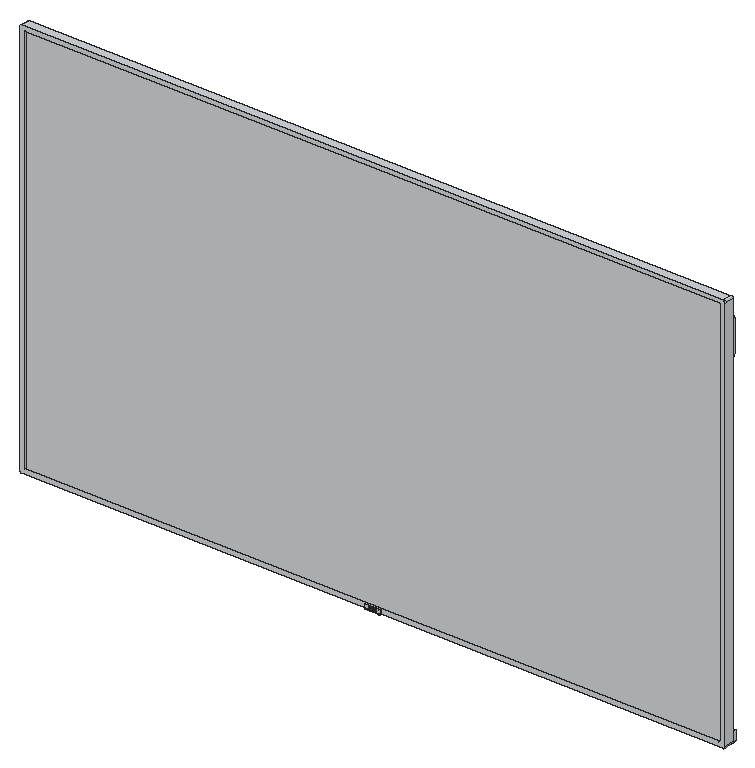
Revit family "C981Q (FINAL)", category Generic Models, Revit 2012
Parameters
  URL = "www.necdisplay.com"
  SENSORS- Temperature Sensor = "Integrated and programmable; linked to cooling fans"
  SENSORS- NFC Sensor = "Integrated; works in conjunction with free NEC Intelligent Wireless Data Application"
  SENSORS- Human Sensor = "Optional through KT-RC2 Accessory"
  SENSORS- Ambient Light Sensor = "Integrated and programmable"
  POWER CONSUMPTION- Speaker Rating = "Integrated 10W x 10W, Optional 15W x 2"
  POWER CONSUMPTION- On (Typ/Max Bightness/Overall Max) = "240W/380W/525W"
  POWER CONSUMPTION- Normal Standby = "0.5W"
  POWER CONSUMPTION- Network Standby = "2W"
  POWER CONSUMPTION- Current Rating = "6.1A @ 100V, 2.6A @ 240V"
  PHYSICAL SPECS- Vesa Hole Configuration = "8x M8 x 16mm (600 x 400, 400 x 400)"
  PHYSICAL SPECS- Net Weight (w/o Stand) = "198.6 lbs. / 90.0 kg"
  PHYSICAL SPECS- Net Dimensions (w/o Stand, WxHxD) = "86.4 x 49.2 x 3.7in. / 2193.8 x 1248.8 x 93.0mm"
  PHYSICAL SPECS- Bezel Width (L/R, T/B) = "1590.0mm / 1590.0mm / 1590.0mm / 1590.0mm"
  Model = "C981Q"  # constant formula
  Manufacturer = "NEC Display Solutions"  # constant formula
  LCD MODULE- Contrast Ratio (Typical) = "1300:1 native, not included localized dimming"
  LCD MODULE- Viewing Angle = "178deg Vert., 178deg Hor (89U/89D/89L/89R) @ CR>10"
  LCD MODULE- Viewable Image Size = "98\""
  LCD MODULE- Panel Technology = "D-LED, S-IPS"
  LCD MODULE- Orientation = "Landscape and Portrait"
  LCD MODULE- Panel Haze (%) = "28"
  LCD MODULE- Native Resolution = "3840 x 2160"
  LCD MODULE- Displayable Colors = "Over 1.07 Billion"
  LCD MODULE- Brightness (Typical/Minimum) = "245 cd/sqm / 350 cd/sqm"
  LCD MODULE- Aspect Ratio = "16 : 9"
  ENVIRONMENTAL CONDITIONS- Operating Temperature = "0 to 40 C"
  ENVIRONMENTAL CONDITIONS- Operating Humidity = "20 - 80%"
  ENVIRONMENTAL CONDITIONS- Operating Altitude = "3000m (9843ft)"
  Description = "NEC Ultra High Definition Large Format Display"  # constant formula
  CONNECTIVITY- Output Terminals- External Control = "LAN (100mb)"
  CONNECTIVITY- Output Terminals- Digital = "HDMI 2.0x3 (with HDCP), DisplayPort 1.2x2 (with HDCP)"
  CONNECTIVITY- Output Terminals- Audio = "3.5mm Mini Jack, HDMI Audio x3, DisplayPort Audio x2"
  CONNECTIVITY- Input Terminals- External Control = "LAN (100Mbit), 3.5 Mini Jack IR Remote, RS232C"
  CONNECTIVITY- Input Terminals- Digital = "HDMI 2.0 x2 (with HDCP), DVI-D (with HDCP), DisplayPort x2 (with HDCP)"
  CONNECTIVITY- Input Terminals- Data = "microSD (Media Player), USB 2.0 (Media Player), USB 2.0 (Service), USB Type-B (Upstream), USB 2.0 x2 (Compute Module, USB CM1 is Powered 5V/2A)"
  CONNECTIVITY- Input Terminals- Audio = "3.5mm Audio Mini Jack x2, DisplayPort Audio x2, HDMI Audio x3"
  CONNECTIVITY- Input Terminals- Analog = "none"
Reference planes
  plane 1 "Center (Front/Back)": y = 0
  plane 2: z = 0
  plane 3 "Center (Left/Right)": x = 0
  plane 4: z = 1248.8
Forms (mm)
  Extrusion 1, solid
    sketch origin (0, 0, 0) x (1, 0, 0) y (0, 0, 1)
      loop
        line (-1096.9, 1242.45) -> (-1096.9, 6.35)
        arc (-1096.9, 6.35) -> (-1095.04, 1.86) -> (-1090.55, 0) r 6.35
        line (-1090.55, 0) -> (1090.55, 0)
        arc (1090.55, 0) -> (1095.04, 1.86) -> (1096.9, 6.35) r 6.35
        line (1096.9, 6.35) -> (1096.9, 1242.45)
        arc (1096.9, 1242.45) -> (1095.04, 1246.94) -> (1090.55, 1248.8) r 6.35
        line (1090.55, 1248.8) -> (-1090.55, 1248.8)
        arc (-1090.55, 1248.8) -> (-1095.04, 1246.94) -> (-1096.9, 1242.45) r 6.35
    from 52.5 to 82.8
  Extrusion 2, void
    sketch origin (0, 0, 0) x (1, 0, 0) y (0, 0, 1)
      loop
        line (-1082.1, 14.8) -> (1082.1, 14.8) -> (1082.1, 1237.383) -> (-1082.1, 1237.383) -> (-1082.1, 14.8)
    from 79.882 to 113.336
  Blend 3, solid
    base sketch origin (4.79, -30.85, 738.456) x (0, 0, 1) y (1, 0, 0)
      loop
        arc (275.505, 669.037) -> (268.066, 686.997) -> (250.105, 694.437) r 25.4
        line (250.105, 694.437) -> (-461.518, 694.437)
        arc (-461.518, 694.437) -> (-479.479, 686.997) -> (-486.918, 669.037) r 25.4
        line (-486.918, 669.037) -> (-486.918, -669.037)
        arc (-486.918, -669.037) -> (-479.479, -686.997) -> (-461.518, -694.437) r 25.4
        line (-461.518, -694.437) -> (250.105, -694.437)
        arc (250.105, -694.437) -> (268.066, -686.997) -> (275.505, -669.037) r 25.4
        line (275.505, -669.037) -> (275.505, 669.037)
    top sketch origin (4.79, -30.85, 738.456) x (0, 0, 1) y (1, 0, 0)
      loop
        arc (175.973, 567.726) -> (172.253, 576.706) -> (163.273, 580.426) r 12.7
        line (163.273, 580.426) -> (-360.207, 580.426)
        arc (-360.207, 580.426) -> (-369.188, 576.706) -> (-372.907, 567.726) r 12.7
        line (-372.907, 567.726) -> (-372.907, -567.726)
        arc (-372.907, -567.726) -> (-369.188, -576.706) -> (-360.207, -580.426) r 12.7
        line (-360.207, -580.426) -> (163.273, -580.426)
        arc (163.273, -580.426) -> (172.253, -576.706) -> (175.973, -567.726) r 12.7
        line (175.973, -567.726) -> (175.973, 567.726)
    from -21.65 to 19.2
  Extrusion 4, solid
    sketch origin (255.764, -30.85, 616.982) x (0, 0, 1) y (1, 0, 0)
      loop
        spline (-533.312, 704.431) -> (-533.346, 704.953) -> (-533.448, 705.466) -> (-533.616, 705.961) -> (-533.848, 706.43) -> (-534.138, 706.865) -> (-534.483, 707.259) -> (-534.876, 707.604) -> (-535.311, 707.894) -> (-535.781, 708.126) -> (-536.276, 708.294) -> (-536.789, 708.396) -> (-537.311, 708.43)
        line (-537.311, 708.43) -> (-551.312, 708.43)
        spline (-551.312, 708.43) -> (-551.834, 708.396) -> (-552.348, 708.294) -> (-552.843, 708.126) -> (-553.312, 707.894) -> (-553.747, 707.604) -> (-554.14, 707.259) -> (-554.485, 706.865) -> (-554.776, 706.43) -> (-555.007, 705.961) -> (-555.175, 705.466) -> (-555.278, 704.953) -> (-555.312, 704.431)
        line (-555.312, 704.431) -> (-555.312, 542.429)
        spline (-555.312, 542.429) -> (-555.278, 541.907) -> (-555.175, 541.394) -> (-555.007, 540.899) -> (-554.776, 540.43) -> (-554.485, 539.995) -> (-554.14, 539.601) -> (-553.747, 539.256) -> (-553.312, 538.966) -> (-552.843, 538.734) -> (-552.348, 538.566) -> (-551.834, 538.464) -> (-551.312, 538.43)
        line (-551.312, 538.43) -> (-537.311, 538.43)
        spline (-537.311, 538.43) -> (-536.789, 538.464) -> (-536.276, 538.566) -> (-535.781, 538.734) -> (-535.311, 538.966) -> (-534.876, 539.256) -> (-534.483, 539.601) -> (-534.138, 539.995) -> (-533.848, 540.43) -> (-533.616, 540.899) -> (-533.448, 541.394) -> (-533.346, 541.907) -> (-533.312, 542.429)
        line (-533.312, 542.429) -> (-533.312, 704.431)
    from -21.65 to 37.2
  Extrusion 5, void
    sketch origin (260.554, 0, 0) x (1, 0, 0) y (0, 1, 0)
      loop
        line (576.137, -10.588) -> (670.723, -10.588)
        arc (670.723, -10.588) -> (682.054, -14.324) -> (688.941, -24.067) r 19.05
        line (688.941, -24.067) -> (696.925, -50.178) -> (714.756, -50.178) -> (714.756, 13.168) -> (530.606, 13.168) -> (530.606, -49.86) -> (550.033, -49.86) -> (557.919, -24.067)
        arc (557.919, -24.067) -> (564.805, -14.324) -> (576.137, -10.588) r 19.05
      loop
        arc (575, -18.588) -> (568.345, -21.26) -> (565.385, -27.792) r 9.624
        line (565.385, -27.792) -> (564.306, -52.5) -> (682.554, -52.5) -> (681.474, -27.773)
        arc (681.474, -27.773) -> (678.521, -21.254) -> (671.879, -18.588) r 9.604
        line (671.879, -18.588) -> (575, -18.588)
    from 52.047 to 91.346
  Extrusion 6, solid
    sketch origin (0, -30.85, 616.982) x (0, 0, 1) y (1, 0, 0)
      loop
        line (-616.982, 1090.55) -> (-616.982, -1090.55)
        arc (-616.982, -1090.55) -> (-615.122, -1095.04) -> (-610.632, -1096.9) r 6.35
        line (-610.632, -1096.9) -> (-580.582, -1096.9) -> (-580.582, 1096.9) -> (-610.632, 1096.9)
        arc (-610.632, 1096.9) -> (-615.122, 1095.04) -> (-616.982, 1090.55) r 6.35
    from -21.65 to -12.238
  Extrusion 7, solid
    sketch origin (255.764, 0, 0) x (0, 1, 0) y (0, 0, 1)
      loop
        line (-40.488, 7.62) -> (0, 7.62) -> (0, 139.12) -> (-50.488, 139.12) -> (-50.488, 41.42) -> (-40.488, 41.42) -> (-40.488, 7.62)
    from 733.99 to 757.99
  Extrusion 8, solid
    sketch origin (255.764, -30.85, 616.982) x (0, 0, 1) y (1, 0, 0)
      loop
        line (-493.862, 759.09) -> (-493.862, 758.09) -> (-477.362, 758.09) -> (-477.362, 733.89) -> (-493.862, 733.89) -> (-493.862, 732.89) -> (-477.366, 732.89)
        arc (-477.366, 732.89) -> (-476.656, 733.181) -> (-476.362, 733.89) r 1
        line (-476.362, 733.89) -> (-476.362, 758.09)
        arc (-476.362, 758.09) -> (-476.655, 758.797) -> (-477.362, 759.09) r 1
        line (-477.362, 759.09) -> (-493.862, 759.09)
    from -17.663 to 29.362
  Extrusion 9, solid
    sketch origin (255.764, -30.85, 616.982) x (0, 0, 1) y (1, 0, 0)
      loop
        line (-479.868, 772.29) -> (-554.068, 772.29)
        arc (-554.068, 772.29) -> (-555.475, 771.705) -> (-556.062, 770.297) r 2
        line (-556.062, 770.297) -> (-556.062, 757.99) -> (-477.862, 757.99) -> (-477.862, 770.294)
        arc (-477.862, 770.294) -> (-478.451, 771.708) -> (-479.868, 772.29) r 2
      loop
        line (-556.062, 733.99) -> (-556.062, 721.682)
        arc (-556.062, 721.682) -> (-555.47, 720.27) -> (-554.052, 719.69) r 2
        line (-554.052, 719.69) -> (-479.872, 719.69)
        arc (-479.872, 719.69) -> (-478.452, 720.271) -> (-477.862, 721.686) r 2
        line (-477.862, 721.686) -> (-477.862, 733.99) -> (-556.062, 733.99)
    from -21.65 to -19.328
  Blend 10, solid
    base sketch origin (0, -30.85, 616.982) x (0, 0, 1) y (1, 0, 0)
      loop
        line (-506.303, 247.422) -> (-506.303, 481.178)
        arc (-506.303, 481.178) -> (-510.023, 490.159) -> (-519.003, 493.878) r 12.7
        line (-519.003, 493.878) -> (-566.56, 493.878)
        arc (-566.56, 493.878) -> (-575.54, 490.159) -> (-579.26, 481.178) r 12.7
        line (-579.26, 481.178) -> (-579.26, 247.422)
        arc (-579.26, 247.422) -> (-575.54, 238.441) -> (-566.56, 234.722) r 12.7
        line (-566.56, 234.722) -> (-519.003, 234.722)
        arc (-519.003, 234.722) -> (-510.023, 238.441) -> (-506.303, 247.422) r 12.7
    top sketch origin (0, -30.85, 616.982) x (0, 0, 1) y (1, 0, 0)
      loop
        arc (-515.696, 480.9) -> (-516.749, 483.439) -> (-519.291, 484.486) r 3.586
        line (-519.291, 484.486) -> (-566.291, 484.486)
        arc (-566.291, 484.486) -> (-568.82, 483.432) -> (-569.868, 480.9) r 3.586
        line (-569.868, 480.9) -> (-569.868, 247.7)
        arc (-569.868, 247.7) -> (-568.82, 245.167) -> (-566.289, 244.114) r 3.586
        line (-566.289, 244.114) -> (-519.289, 244.114)
        arc (-519.289, 244.114) -> (-516.749, 245.162) -> (-515.696, 247.7) r 3.586
        line (-515.696, 247.7) -> (-515.696, 480.9)
    from -21.65 to -17.538
  Extrusion 11, void
    sketch origin (0, -48.388, 616.982) x (0, 0, -1) y (1, 0, 0)
      loop
        line (535.072, 454.142) -> (535.072, 370.429)
        arc (535.072, 370.429) -> (536.632, 366.661) -> (540.4, 365.1) r 5.329
        line (540.4, 365.1) -> (552.514, 365.1)
        arc (552.514, 365.1) -> (556.302, 366.669) -> (557.872, 370.458) r 5.358
        line (557.872, 370.458) -> (557.872, 454.142)
        arc (557.872, 454.142) -> (556.302, 457.931) -> (552.514, 459.5) r 5.358
        line (552.514, 459.5) -> (540.43, 459.5)
        arc (540.43, 459.5) -> (536.641, 457.931) -> (535.072, 454.142) r 5.358
    from 8.405 to -9.36
  Extrusion 12, solid
    sketch origin (0, -30.85, 616.982) x (0, 0, 1) y (1, 0, 0)
      loop
        circle (-546.072, 447.3) r 3.007
      loop
        circle (-546.072, 437.3) r 3.007
      loop
        circle (-546.072, 427.3) r 2.988
      loop
        circle (-546.072, 417.3) r 3.007
      loop
        circle (-546.072, 407.3) r 3.007
      loop
        circle (-546.072, 397.3) r 3.007
      loop
        circle (-546.072, 387.3) r 3.007
      loop
        circle (-546.072, 377.3) r 3.007
    from -25.943 to -21.65
  Extrusion 13, void
    sketch origin (4.79, -11.65, 738.456) x (0, 0, -1) y (1, 0, 0)
      loop
        circle (-62.818, 250) r 9.061
      loop
        circle (337.182, 250) r 9.061
      loop
        circle (337.182, -250) r 9.061
      loop
        circle (-62.818, -250) r 9.061
    from 19.092 to -9.003
  Extrusion 14, void
    sketch origin (4.79, -11.65, 738.456) x (0, 0, -1) y (1, 0, 0)
      loop
        line (87.181, 160) -> (7.182, 160) -> (7.182, 135.347)
        arc (7.182, 135.347) -> (9.14, 126.238) -> (14.666, 118.736) r 22.179
        line (14.666, 118.736) -> (66.585, 72.804) -> (7.183, 72.801) -> (7.182, 57.602) -> (87.181, 57.605) -> (87.181, 83.318)
        arc (87.181, 83.318) -> (85.068, 93.154) -> (79.102, 101.254) r 23.949
        line (79.102, 101.254) -> (29.882, 144.803) -> (87.181, 144.803) -> (87.181, 160)
      loop
        line (7.176, 44.324) -> (7.184, -50.238) -> (18.547, -50.238) -> (18.547, 11.044) -> (39.024, 11.044) -> (39.024, -44.639) -> (50.261, -44.639) -> (50.261, 11.044) -> (66.271, 11.043)
        arc (66.271, 11.043) -> (72.686, 8.386) -> (75.343, 1.972) r 9.071
        line (75.343, 1.972) -> (75.343, -51.038) -> (87.18, -51.038)
        arc (87.18, -51.038) -> (87.854, -20.076) -> (87.18, 10.886) r 711.698
        arc (87.18, 10.886) -> (86.368, 20.715) -> (84.794, 30.45) r 126.705
        arc (84.794, 30.45) -> (78.793, 40.413) -> (67.839, 44.324) r 17.297
        line (67.839, 44.324) -> (7.176, 44.324)
      loop
        line (6.274, -158.561) -> (17.847, -158.561)
        arc (17.847, -158.561) -> (14.707, -133.161) -> (17.847, -107.761) r 104.326
        arc (17.847, -107.761) -> (21.385, -100.831) -> (27.596, -96.143) r 17.356
        arc (27.596, -96.143) -> (47.876, -92.515) -> (67.497, -98.797) r 42.735
        arc (67.497, -98.797) -> (72.126, -103.307) -> (74.781, -109.2) r 17.329
        arc (74.781, -109.2) -> (77.788, -134.6) -> (74.781, -160) r 108.774
        line (74.781, -160) -> (87.688, -160)
        arc (87.688, -160) -> (90.325, -128.25) -> (87.688, -96.5) r 192.504
        arc (87.688, -96.5) -> (85.13, -86.108) -> (81.032, -76.221) r 70.717
        arc (81.032, -76.221) -> (50.091, -55.453) -> (16.231, -71.016) r 38.1
        arc (16.231, -71.016) -> (9.825, -82.447) -> (6.274, -95.061) r 55.568
        arc (6.274, -95.061) -> (3.789, -126.811) -> (6.274, -158.561) r 204.062
      loop
        line (64.716, 511.9) -> (64.716, 374.9)
        arc (64.716, 374.9) -> (67.986, 367.005) -> (75.882, 363.734) r 11.166
        line (75.882, 363.734) -> (209.382, 363.734)
        arc (209.382, 363.734) -> (217.277, 367.005) -> (220.547, 374.9) r 11.166
        line (220.547, 374.9) -> (220.547, 511.9)
        arc (220.547, 511.9) -> (217.277, 519.795) -> (209.382, 523.066) r 11.166
        line (209.382, 523.066) -> (75.882, 523.066)
        arc (75.882, 523.066) -> (67.986, 519.795) -> (64.716, 511.9) r 11.166
      loop
        line (220.816, 153.995) -> (220.816, 0.995)
        arc (220.816, 0.995) -> (222.507, -3.079) -> (226.582, -4.766) r 5.766
        line (226.582, -4.766) -> (332.582, -4.766)
        arc (332.582, -4.766) -> (336.659, -3.077) -> (338.347, 1) r 5.766
        line (338.347, 1) -> (338.347, 154)
        arc (338.347, 154) -> (336.659, 158.077) -> (332.582, 159.766) r 5.766
        line (332.582, 159.766) -> (226.582, 159.766)
        arc (226.582, 159.766) -> (222.503, 158.075) -> (220.816, 153.995) r 5.766
      loop
        line (147.182, -462.4) -> (147.182, -572.4) -> (297.182, -572.4) -> (297.182, -462.4) -> (147.182, -462.4)
      loop
        line (53.182, -517.4) -> (53.182, -572.4) -> (71.182, -572.4) -> (71.182, -517.4) -> (53.182, -517.4)
      loop
        line (81.182, -532.4) -> (81.182, -572.4) -> (103.182, -572.4) -> (103.182, -532.4) -> (81.182, -532.4)
      loop
        line (113.182, -523.4) -> (113.182, -572.4) -> (137.182, -572.4) -> (137.182, -523.4) -> (113.182, -523.4)
    from 0.816 to -6.572
  Extrusion 15, void
    sketch origin (4.79, -11.65, 738.456) x (0, 0, -1) y (1, 0, 0)
      loop
        line (56.232, 574.7) -> (324.032, 574.7) -> (324.032, 711.5) -> (56.232, 711.5) -> (56.232, 574.7)
    from 40.85 to -11.65
  Extrusion 16, solid
    sketch origin (0, -30.85, 616.982) x (0, 0, 1) y (1, 0, 0)
      loop
        spline (577.383, 1064.639) -> (577.254, 1065.064) -> (577.079, 1065.472) -> (576.86, 1065.858) -> (576.6, 1066.217) -> (576.301, 1066.546) -> (575.968, 1066.839) -> (575.605, 1067.093) -> (575.215, 1067.306) -> (574.804, 1067.474) -> (574.377, 1067.596) -> (573.94, 1067.67) -> (573.496, 1067.694)
        line (573.496, 1067.694) -> (411.495, 1067.694)
        spline (411.495, 1067.694) -> (410.973, 1067.66) -> (410.46, 1067.558) -> (409.964, 1067.39) -> (409.495, 1067.158) -> (409.06, 1066.868) -> (408.667, 1066.523) -> (408.322, 1066.129) -> (408.031, 1065.694) -> (407.8, 1065.225) -> (407.632, 1064.729) -> (407.53, 1064.216) -> (407.496, 1063.694)
        line (407.496, 1063.694) -> (407.609, 1048.749)
        spline (407.609, 1048.749) -> (407.722, 1048.368) -> (407.872, 1048) -> (408.058, 1047.649) -> (408.278, 1047.318) -> (408.529, 1047.01) -> (408.811, 1046.729) -> (409.118, 1046.477) -> (409.449, 1046.257) -> (409.8, 1046.071) -> (410.169, 1045.921) -> (410.55, 1045.807) -> (410.94, 1045.733)
        line (410.94, 1045.733) -> (572.941, 1045.733)
        spline (572.941, 1045.733) -> (573.51, 1045.694) -> (574.078, 1045.737) -> (574.634, 1045.859) -> (575.167, 1046.06) -> (575.666, 1046.334) -> (576.121, 1046.676) -> (576.523, 1047.08) -> (576.864, 1047.536) -> (577.136, 1048.036) -> (577.335, 1048.57) -> (577.455, 1049.127) -> (577.496, 1049.695)
        line (577.496, 1049.695) -> (577.383, 1064.639)
    from -21.65 to 25.186
  Extrusion 17, void
    sketch origin (1067.694, -30.85, 1172.608) x (0, 0, -1) y (0, -1, 0)
      loop
        line (110.721, -20.262) -> (15.247, -20.262)
        arc (15.247, -20.262) -> (4.627, -16.759) -> (-1.826, -7.626) r 17.851
        line (-1.826, -7.626) -> (-9.856, 18.638) -> (-21.573, 18.638) -> (-25.197, 18.638) -> (-25.197, -28.535) -> (148.943, -28.535) -> (148.943, 18.638) -> (136.711, 18.638) -> (128.938, -6.782)
        arc (128.938, -6.782) -> (122.052, -16.526) -> (110.721, -20.262) r 19.05
      loop
        line (15.282, -12.262) -> (111.562, -12.262)
        arc (111.562, -12.262) -> (118.431, -9.504) -> (121.485, -2.763) r 9.932
        line (121.485, -2.763) -> (122.551, 21.65) -> (4.303, 21.65) -> (5.369, -2.77)
        arc (5.369, -2.77) -> (8.42, -9.506) -> (15.282, -12.262) r 9.922
    from 0 to 24.226
  Extrusion 18, solid
    sketch origin (-255.764, -30.85, 616.982) x (0, 0, 1) y (1, 0, 0)
      loop
        line (-533.312, -704.431) -> (-533.312, -542.429)
        spline (-533.312, -542.429) -> (-533.346, -541.907) -> (-533.448, -541.394) -> (-533.616, -540.899) -> (-533.848, -540.43) -> (-534.138, -539.995) -> (-534.483, -539.601) -> (-534.876, -539.256) -> (-535.311, -538.966) -> (-535.781, -538.734) -> (-536.276, -538.566) -> (-536.789, -538.464) -> (-537.311, -538.43)
        line (-537.311, -538.43) -> (-551.312, -538.43)
        spline (-551.312, -538.43) -> (-551.834, -538.464) -> (-552.348, -538.566) -> (-552.843, -538.734) -> (-553.312, -538.966) -> (-553.747, -539.256) -> (-554.14, -539.601) -> (-554.485, -539.995) -> (-554.776, -540.43) -> (-555.007, -540.899) -> (-555.175, -541.394) -> (-555.278, -541.907) -> (-555.312, -542.429)
        line (-555.312, -542.429) -> (-555.312, -704.431)
        spline (-555.312, -704.431) -> (-555.278, -704.953) -> (-555.175, -705.466) -> (-555.007, -705.961) -> (-554.776, -706.43) -> (-554.485, -706.865) -> (-554.14, -707.259) -> (-553.747, -707.604) -> (-553.312, -707.894) -> (-552.843, -708.126) -> (-552.348, -708.294) -> (-551.834, -708.396) -> (-551.312, -708.43)
        line (-551.312, -708.43) -> (-537.311, -708.43)
        spline (-537.311, -708.43) -> (-536.789, -708.396) -> (-536.276, -708.294) -> (-535.781, -708.126) -> (-535.311, -707.894) -> (-534.876, -707.604) -> (-534.483, -707.259) -> (-534.138, -706.865) -> (-533.848, -706.43) -> (-533.616, -705.961) -> (-533.448, -705.466) -> (-533.346, -704.953) -> (-533.312, -704.431)
    from -21.65 to 37.2
  Extrusion 19, void
    sketch origin (-255.764, 0, 0) x (-1, 0, 0) y (0, -1, 0)
      loop
        arc (576.137, 10.588) -> (564.805, 14.324) -> (557.919, 24.067) r 19.05
        line (557.919, 24.067) -> (550.033, 49.86) -> (530.606, 49.86) -> (530.606, -13.168) -> (714.756, -13.168) -> (714.756, 50.178) -> (696.925, 50.178) -> (688.941, 24.067)
        arc (688.941, 24.067) -> (682.054, 14.324) -> (670.723, 10.588) r 19.05
        line (670.723, 10.588) -> (576.137, 10.588)
      loop
        line (575, 18.588) -> (671.879, 18.588)
        arc (671.879, 18.588) -> (678.521, 21.254) -> (681.474, 27.773) r 9.604
        line (681.474, 27.773) -> (682.554, 52.5) -> (564.306, 52.5) -> (565.385, 27.792)
        arc (565.385, 27.792) -> (568.345, 21.26) -> (575, 18.588) r 9.624
    from 52.047 to 91.346
  Extrusion 20, solid
    sketch origin (-255.764, 0, 0) x (0, 1, 0) y (0, 0, -1)
      loop
        line (-40.488, -7.62) -> (-40.488, -41.42) -> (-50.488, -41.42) -> (-50.488, -139.12) -> (0, -139.12) -> (0, -7.62) -> (-40.488, -7.62)
    from 733.99 to 757.99
  Extrusion 21, solid
    sketch origin (-255.764, -30.85, 616.982) x (0, 0, 1) y (1, 0, 0)
      loop
        line (-493.862, -759.09) -> (-477.362, -759.09)
        arc (-477.362, -759.09) -> (-476.655, -758.797) -> (-476.362, -758.09) r 1
        line (-476.362, -758.09) -> (-476.362, -733.89)
        arc (-476.362, -733.89) -> (-476.656, -733.181) -> (-477.366, -732.89) r 1
        line (-477.366, -732.89) -> (-493.862, -732.89) -> (-493.862, -733.89) -> (-477.362, -733.89) -> (-477.362, -758.09) -> (-493.862, -758.09) -> (-493.862, -759.09)
    from -17.663 to 29.362
  Extrusion 22, solid
    sketch origin (-255.764, -30.85, 616.982) x (0, 0, 1) y (1, 0, 0)
      loop
        arc (-479.868, -772.29) -> (-478.451, -771.708) -> (-477.862, -770.294) r 2
        line (-477.862, -770.294) -> (-477.862, -757.99) -> (-556.062, -757.99) -> (-556.062, -770.297)
        arc (-556.062, -770.297) -> (-555.475, -771.705) -> (-554.068, -772.29) r 2
        line (-554.068, -772.29) -> (-479.868, -772.29)
      loop
        line (-556.062, -733.99) -> (-477.862, -733.99) -> (-477.862, -721.686)
        arc (-477.862, -721.686) -> (-478.452, -720.271) -> (-479.872, -719.69) r 2
        line (-479.872, -719.69) -> (-554.052, -719.69)
        arc (-554.052, -719.69) -> (-555.47, -720.27) -> (-556.062, -721.682) r 2
        line (-556.062, -721.682) -> (-556.062, -733.99)
    from -21.65 to -19.328
  Extrusion 23, solid
    sketch origin (0, -30.85, 616.982) x (0, 0, 1) y (1, 0, 0)
      loop
        line (577.383, -1064.639) -> (577.496, -1049.695)
        spline (577.496, -1049.695) -> (577.455, -1049.127) -> (577.335, -1048.57) -> (577.136, -1048.036) -> (576.864, -1047.536) -> (576.523, -1047.08) -> (576.121, -1046.676) -> (575.666, -1046.334) -> (575.167, -1046.06) -> (574.634, -1045.859) -> (574.078, -1045.737) -> (573.51, -1045.694) -> (572.941, -1045.733)
        line (572.941, -1045.733) -> (410.94, -1045.733)
        spline (410.94, -1045.733) -> (410.55, -1045.807) -> (410.169, -1045.921) -> (409.8, -1046.071) -> (409.449, -1046.257) -> (409.118, -1046.477) -> (408.811, -1046.729) -> (408.529, -1047.01) -> (408.278, -1047.318) -> (408.058, -1047.649) -> (407.872, -1048) -> (407.722, -1048.368) -> (407.609, -1048.749)
        line (407.609, -1048.749) -> (407.496, -1063.694)
        spline (407.496, -1063.694) -> (407.53, -1064.216) -> (407.632, -1064.729) -> (407.8, -1065.225) -> (408.031, -1065.694) -> (408.322, -1066.129) -> (408.667, -1066.523) -> (409.06, -1066.868) -> (409.495, -1067.158) -> (409.964, -1067.39) -> (410.46, -1067.558) -> (410.973, -1067.66) -> (411.495, -1067.694)
        line (411.495, -1067.694) -> (573.496, -1067.694)
        spline (573.496, -1067.694) -> (573.94, -1067.67) -> (574.377, -1067.596) -> (574.804, -1067.474) -> (575.215, -1067.306) -> (575.605, -1067.093) -> (575.968, -1066.839) -> (576.301, -1066.546) -> (576.6, -1066.217) -> (576.86, -1065.858) -> (577.079, -1065.472) -> (577.254, -1065.064) -> (577.383, -1064.639)
    from -21.65 to 25.186
  Extrusion 24, void
    sketch origin (-1067.694, -30.85, 1172.608) x (0, 0, -1) y (0, 1, 0)
      loop
        arc (110.721, 20.262) -> (122.052, 16.526) -> (128.938, 6.782) r 19.05
        line (128.938, 6.782) -> (136.711, -18.638) -> (148.943, -18.638) -> (148.943, 28.535) -> (-25.197, 28.535) -> (-25.197, -18.638) -> (-21.573, -18.638) -> (-9.856, -18.638) -> (-1.826, 7.626)
        arc (-1.826, 7.626) -> (4.627, 16.759) -> (15.247, 20.262) r 17.851
        line (15.247, 20.262) -> (110.721, 20.262)
      loop
        arc (15.282, 12.262) -> (8.42, 9.506) -> (5.369, 2.77) r 9.922
        line (5.369, 2.77) -> (4.303, -21.65) -> (122.551, -21.65) -> (121.485, 2.763)
        arc (121.485, 2.763) -> (118.431, 9.504) -> (111.562, 12.262) r 9.932
        line (111.562, 12.262) -> (15.282, 12.262)
    from 0 to 24.226
  Extrusion 25, solid
    sketch origin (-0.023, 0, 0) x (1, 0, 0) y (0, 0, 1)
      loop
        line (-9.961, 2.001) -> (-9.007, 2.001) -> (-9.007, 5.547) -> (-6.275, 2.5)
        arc (-6.275, 2.5) -> (-5.769, 2.131) -> (-5.157, 2.001) r 1.502
        line (-5.157, 2.001) -> (-3.574, 2.001) -> (-3.574, 7) -> (-4.532, 7) -> (-4.532, 3.338) -> (-7.319, 6.429)
        arc (-7.319, 6.429) -> (-7.901, 6.851) -> (-8.603, 7) r 1.729
        line (-8.603, 7) -> (-9.961, 7) -> (-9.961, 2.001)
      loop
        line (-2.725, 7) -> (-2.725, 3.297)
        arc (-2.725, 3.297) -> (-2.326, 2.335) -> (-1.364, 1.937) r 1.36
        line (-1.364, 1.937) -> (3.249, 1.937) -> (3.249, 2.748) -> (-0.098, 2.748)
        arc (-0.098, 2.748) -> (-0.481, 2.907) -> (-0.64, 3.29) r 0.542
        line (-0.64, 3.29) -> (-0.64, 4.175) -> (2.839, 4.175) -> (2.839, 5.016) -> (-0.64, 5.016) -> (-0.64, 6.16) -> (3.178, 6.16) -> (3.178, 7) -> (-2.725, 7)
      loop
        arc (9.964, 7) -> (7.934, 7.2) -> (5.904, 7) r 10.398
        arc (5.904, 7) -> (5.347, 6.84) -> (4.824, 6.59) r 3.487
        arc (4.824, 6.59) -> (3.614, 4.234) -> (5.238, 2.141) r 2.465
        arc (5.238, 2.141) -> (5.626, 2.03) -> (6.025, 1.968) r 3.176
        arc (6.025, 1.968) -> (8.03, 1.836) -> (10.035, 1.968) r 15.265
        line (10.035, 1.968) -> (10.035, 2.882)
        arc (10.035, 2.882) -> (8.597, 2.624) -> (7.141, 2.747) r 5.618
        arc (7.141, 2.747) -> (5.683, 4.48) -> (6.989, 6.33) r 1.854
        arc (6.989, 6.33) -> (8.494, 6.507) -> (9.964, 6.138) r 4.19
        line (9.964, 6.138) -> (9.964, 7)
    from 83.703 to 83.988
  Extrusion 26, solid
    sketch origin (-0.023, 0, 0) x (0, 1, 0) y (0, 0, 1)
      loop
        arc (-83.703, -1.561) -> (-83.479, -2.102) -> (-82.938, -2.326) r 0.765
        line (-82.938, -2.326) -> (-56.991, -2.326) -> (-56.788, 0) -> (-82.901, 0) -> (-82.901, 11.557) -> (-83.703, 11.515) -> (-83.703, -1.561)
    from -24.915 to 24.96
Cuts and joins
  Extrusion 2, Extrusion 5, Extrusion 11, Extrusion 13, Extrusion 14, Extrusion 15, Extrusion 17, Extrusion 19, Extrusion 24 cuts Extrusion 1
  Extrusion 5, Extrusion 13, Extrusion 14, Extrusion 15 cuts Blend 3
  Extrusion 5, Extrusion 19 cuts Extrusion 4
  Extrusion 11 cuts Blend 10
  Extrusion 17 cuts Extrusion 16
  Extrusion 19 cuts Extrusion 18
  Extrusion 24 cuts Extrusion 23
Dimensions and locks
  cut or joined group 1 (Extrusion 1, Extrusion 2, Extrusion 5, Extrusion 11, Extrusion 13, Extrusion 14, Extrusion 15, Extrusion 17, Extrusion 19, Extrusion 24) to cut or joined group 1 = 2193.80 mm  (x2)
  level to cut or joined group 1 = 1248.80 mm
  aligned and locked: plane 2 to level
  aligned and locked: Extrusion 1 sketch curve to level
